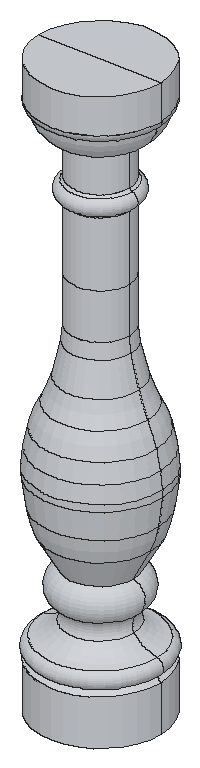
Revit family
Parameters (values of type "Balustrade G16")
  Width = 0' - 3 7/16"
  URL = "www.strombergarchitectural.com"
  Top Material = none
  Submittal Sheet = "www.strombergarchitectural.com/images/materials/gfrc/submittal/gfrc-submittal-sheet.pdf"
  Specifications = "www.strombergarchitectural.com/gfrcspecifications"
  Model Cut-sheet = "http://www.strombergarchitectural.com/products/balustrade/design/G16"
  Model = "Balustrade G16"
  Manufacturer = "Stromberg Architectural Products"
  Guidebook = "www.strombergarchitectural.com/images/materials/gfrc/handbooks/gfrc_guidebook.pdf   \r\n(http://www.strombergarchitectural.com/images/materials/gfrc/handbooks/gfrc_guidebook.pdf"
  Description = "GFRC Baluster"
  Assembly Code = ""
  Height = 1' - 4 1/8"
  XXX.5 = no
  XXX.4 = no
  XXX.3 = no
  XXX.2 = no
  XXX.1 = yes
Reference planes (in)
  plane 1 "Center (Front/Back)": y = 3.74847
  plane 2: z = 0
  plane 3 "Center (Left/Right)": x = 0.7278
  plane 4 "Front": y = -3.25153
  plane 5 "Back": y = 10.74847
  plane 6 "Left": x = -17.2722
  plane 7 "Right": x = 18.7278
Forms (in)
  Revolve 1, solid
    sketch origin (0, 3.74847, 0) x (1, 0, 0) y (0, 0, 1)
      loop
        line (0.7278, 16.125) -> (-0.9597, 16.125) -> (-0.9597, 15.1623)
        arc (-0.9597, 15.1623) -> (-0.93223, 15.05382) -> (-0.84899, 14.979) r 0.19227
        arc (-0.84899, 14.979) -> (-0.58759, 14.47247) -> (-0.08348, 14.20643) r 0.95093
        line (-0.08348, 14.20643) -> (-0.08348, 13.21534)
        arc (-0.08348, 13.21534) -> (-0.10981, 13.17281) -> (-0.1515, 13.14518) r 0.11693
        arc (-0.1515, 13.14518) -> (-0.30261, 12.93081) -> (-0.1515, 12.71644) r 0.22761
        arc (-0.1515, 12.71644) -> (-0.10861, 12.68998) -> (-0.08348, 12.64628) r 0.10266
        line (-0.08348, 12.64628) -> (-0.08348, 10.83329) -> (-0.08348, 9.55879)
        arc (-0.08348, 9.55879) -> (-0.09323, 9.34838) -> (-0.12242, 9.13978) r 2.27364
        arc (-0.12242, 9.13978) -> (-0.21295, 8.70981) -> (-0.32245, 8.28428) r 9.91065
        arc (-0.32245, 8.28428) -> (-0.43346, 7.95986) -> (-0.57984, 7.64979) r 3.08098
        arc (-0.57984, 7.64979) -> (-0.7277, 7.33697) -> (-0.84021, 7.00978) r 3.13732
        arc (-0.84021, 7.00978) -> (-0.90329, 6.761) -> (-0.95249, 6.5091) r 4.62938
        arc (-0.95249, 6.5091) -> (-0.98309, 6.28223) -> (-0.99953, 6.0539) r 3.68231
        arc (-0.99953, 6.0539) -> (-0.99948, 5.95583) -> (-0.99134, 5.8581) r 1.18796
        arc (-0.99134, 5.8581) -> (-0.93969, 5.47748) -> (-0.88004, 5.09802) r 18.25496
        arc (-0.88004, 5.09802) -> (-0.79994, 4.75588) -> (-0.67713, 4.42666) r 2.76706
        arc (-0.67713, 4.42666) -> (-0.4568, 3.99126) -> (-0.19584, 3.57894) r 5.09702
        arc (-0.19584, 3.57894) -> (-0.50241, 3.19118) -> (-0.30932, 2.73614) r 0.48465
        arc (-0.30932, 2.73614) -> (-0.16911, 2.50591) -> (-0.2045, 2.23868) r 0.40488
        arc (-0.2045, 2.23868) -> (-0.48615, 1.98193) -> (-0.84216, 1.84594) r 1.02413
        arc (-0.84216, 1.84594) -> (-1.00362, 1.60311) -> (-0.80039, 1.39399) r 0.23218
        line (-0.80039, 1.39399) -> (-0.9597, 1.2745) -> (-0.9597, 0) -> (0.7278, 0) -> (0.7278, 16.125)
      axis (0.7278, 16.125) -> (0.7278, 0)
    angle from 0 to 360
Dimensions and locks (in)
  aligned and locked: level to plane 2
